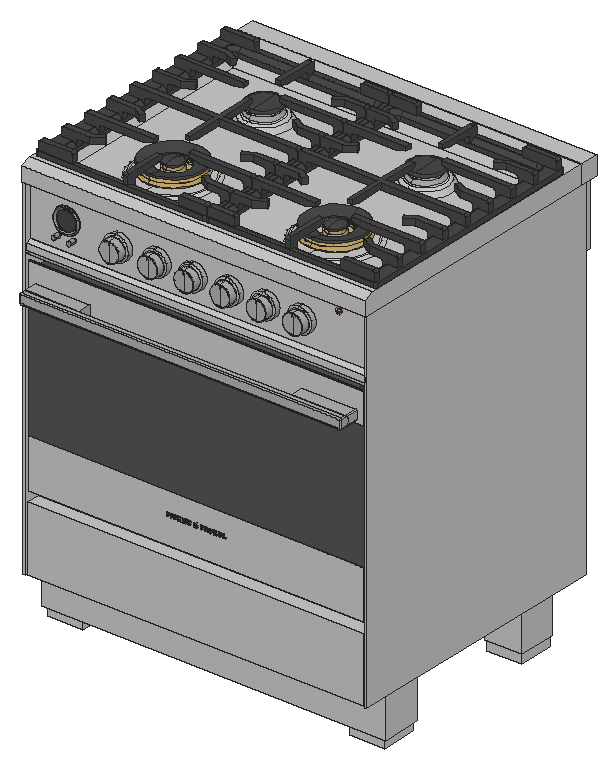
Revit family "FP_Revit_18_OR30SDG6X1_Range_90001008A", category Specialty Equipment, Revit 2018 (continued)
Definition of nested family "F&P Trivet Range Classic 30"
  Forms (mm)
    Extrusion 6, solid, material <- "Material - Burners & Trivets", detail levels medium+fine
      sketch origin (0, 0, 0) x (1, 0, 0) y (0, 0, 1)
        loop
          arc (-365.85, 40) -> (-369.386, 38.536) -> (-370.85, 35) r 5
          line (-370.85, 35) -> (-370.85, 19)
        loop
          line (-0.9, 19) -> (-0.9, 35)
          arc (-0.9, 35) -> (-2.364, 38.536) -> (-5.9, 40) r 5
          line (-5.9, 40) -> (-49.369, 40) -> (-49.369, 26) -> (-24.85, 26)
          arc (-24.85, 26) -> (-21.314, 24.536) -> (-19.85, 21) r 5
          line (-19.85, 21) -> (-19.85, 9.497) -> (-9.304, 19) -> (-0.9, 19)
      from 56.818 to 68.598
    Extrusion 7, solid, material <- "Material - Burners & Trivets", detail levels medium+fine
      sketch origin (0, 0, 0) x (1, 0, 0) y (0, 0, 1)
        loop
          line (-370.85, 19) -> (-347.6, 19) -> (-337.05, 9.493) -> (-337.05, 21)
          arc (-337.05, 21) -> (-335.586, 24.536) -> (-332.05, 26) r 5
          line (-332.05, 26) -> (-241.764, 26) -> (-218.764, 31.5) -> (-218.764, 40) -> (-365.85, 40)
          arc (-365.85, 40) -> (-369.386, 38.536) -> (-370.85, 35) r 5
          line (-370.85, 35) -> (-370.85, 19)
        loop
          line (-0.9, 19) -> (-0.9, 35)
          arc (-0.9, 35) -> (-2.364, 38.536) -> (-5.9, 40) r 5
          line (-5.9, 40) -> (-139.236, 40) -> (-139.236, 31.5) -> (-116.236, 26) -> (-24.85, 26)
          arc (-24.85, 26) -> (-21.314, 24.536) -> (-19.85, 21) r 5
          line (-19.85, 21) -> (-19.85, 9.497) -> (-9.304, 19) -> (-0.9, 19)
      from 119.209 to 130.989
    Extrusion 8, solid, material <- "Material - Burners & Trivets", detail levels medium+fine
      sketch origin (0, 0, 0) x (1, 0, 0) y (0, 1, 0)
        loop
          line (-308.63, -181.6) -> (-308.63, -193.38) -> (-285.489, -180.02) -> (-290.59, -171.185) -> (-308.63, -181.6)
        loop
          line (-49.37, -181.6) -> (-67.41, -171.185) -> (-72.511, -180.02) -> (-49.37, -193.38) -> (-49.37, -181.6)
        loop
          line (-308.63, -68.598) -> (-290.59, -79.014) -> (-285.489, -70.179) -> (-308.63, -56.818) -> (-308.63, -68.598)
        loop
          line (-49.37, -68.598) -> (-49.37, -56.818) -> (-72.511, -70.179) -> (-67.41, -79.014) -> (-49.37, -68.598)
      from 26 to 40
    Extrusion 9, solid, material <- "Material - Burners & Trivets", detail levels medium+fine
      sketch origin (0, 0, 0) x (0, 1, 0) y (0, 0, 1)
        loop
          line (-239.1, 9.493) -> (-239.1, 21.869)
          arc (-239.1, 21.869) -> (-237.636, 25.405) -> (-234.1, 26.869) r 5
          line (-234.1, 26.869) -> (-184.162, 26.869) -> (-164.798, 31.5) -> (-164.798, 40) -> (-251.51, 40)
          arc (-251.51, 40) -> (-255.046, 38.536) -> (-256.51, 35) r 5
          line (-256.51, 35) -> (-256.51, 19) -> (-249.65, 19) -> (-239.1, 9.493)
        loop
          line (-6.011, 26.869) -> (-6.011, 40) -> (-85.401, 40) -> (-85.401, 31.5) -> (-66.036, 26.869) -> (-6.011, 26.869)
        loop
          line (239.1, 9.493) -> (249.65, 19) -> (256.51, 19) -> (256.51, 35)
          arc (256.51, 35) -> (255.046, 38.536) -> (251.51, 40) r 5
          line (251.51, 40) -> (164.798, 40) -> (164.798, 31.5) -> (184.162, 26.869) -> (234.1, 26.869)
          arc (234.1, 26.869) -> (237.636, 25.405) -> (239.1, 21.869) r 5
          line (239.1, 21.869) -> (239.1, 9.493)
        loop
          line (6.011, 26.869) -> (66.036, 26.869) -> (85.401, 31.5) -> (85.401, 40) -> (6.011, 40) -> (6.011, 26.869)
      from -184.333 to -173.667
    Extrusion 10, solid, material <- "Material - Burners & Trivets", detail levels medium+fine
      sketch origin (0, 0, 0) x (1, 0, 0) y (0, 0, -1)
        loop
          line (-370.85, -19) -> (-370.85, -35)
          arc (-370.85, -35) -> (-369.386, -38.536) -> (-365.85, -40) r 5
          line (-365.85, -40) -> (-308.63, -40) -> (-308.63, -26) -> (-332.05, -26)
          arc (-332.05, -26) -> (-335.586, -24.536) -> (-337.05, -21) r 5
          line (-337.05, -21) -> (-337.05, -9.493) -> (-347.6, -19) -> (-370.85, -19)
        loop
          line (-0.9, -19) -> (-9.304, -19) -> (-19.85, -9.497) -> (-19.85, -21)
          arc (-19.85, -21) -> (-21.314, -24.536) -> (-24.85, -26) r 5
          line (-24.85, -26) -> (-49.369, -26) -> (-49.369, -40) -> (-5.9, -40)
          arc (-5.9, -40) -> (-2.364, -38.536) -> (-0.9, -35) r 5
          line (-0.9, -35) -> (-0.9, -19)
      from 181.6 to 193.38
    Extrusion 11, solid, material <- "Material - Burners & Trivets", detail levels medium+fine
      sketch origin (0, 0, 0) x (1, 0, 0) y (0, 0, -1)
        loop
          line (-370.85, -19) -> (-370.85, -35)
          arc (-370.85, -35) -> (-369.386, -38.536) -> (-365.85, -40) r 5
          line (-365.85, -40) -> (-308.63, -40) -> (-308.63, -26) -> (-332.05, -26)
          arc (-332.05, -26) -> (-335.586, -24.536) -> (-337.05, -21) r 5
          line (-337.05, -21) -> (-337.05, -9.493) -> (-347.6, -19) -> (-370.85, -19)
        loop
          line (-0.9, -19) -> (-9.304, -19) -> (-19.85, -9.497) -> (-19.85, -21)
          arc (-19.85, -21) -> (-21.314, -24.536) -> (-24.85, -26) r 5
          line (-24.85, -26) -> (-49.369, -26) -> (-49.369, -40) -> (-5.9, -40)
          arc (-5.9, -40) -> (-2.364, -38.536) -> (-0.9, -35) r 5
          line (-0.9, -35) -> (-0.9, -19)
      from 56.818 to 68.598
    Extrusion 12, solid, material <- "Material - Burners & Trivets", detail levels medium+fine
      sketch origin (0, 0, 0) x (1, 0, 0) y (0, 0, -1)
        loop
          line (-370.85, -19) -> (-370.85, -35)
          arc (-370.85, -35) -> (-369.386, -38.536) -> (-365.85, -40) r 5
          line (-365.85, -40) -> (-218.764, -40) -> (-218.764, -31.5) -> (-241.764, -26) -> (-332.05, -26)
          arc (-332.05, -26) -> (-335.586, -24.536) -> (-337.05, -21) r 5
          line (-337.05, -21) -> (-337.05, -9.493) -> (-347.6, -19) -> (-370.85, -19)
        loop
          line (-0.9, -19) -> (-9.304, -19) -> (-19.85, -9.497) -> (-19.85, -21)
          arc (-19.85, -21) -> (-21.314, -24.536) -> (-24.85, -26) r 5
          line (-24.85, -26) -> (-116.236, -26) -> (-139.236, -31.5) -> (-139.236, -40) -> (-5.9, -40)
          arc (-5.9, -40) -> (-2.364, -38.536) -> (-0.9, -35) r 5
          line (-0.9, -35) -> (-0.9, -19)
      from 119.209 to 130.989
    Extrusion 13, solid, material <- "Material - Burners & Trivets", detail levels medium+fine
      sketch origin (0, 0, 0) x (1, 0, 0) y (0, 1, 0)
        loop
          line (-308.63, 181.6) -> (-290.59, 171.185) -> (-285.489, 180.02) -> (-308.63, 193.38) -> (-308.63, 181.6)
        loop
          line (-49.37, 181.6) -> (-49.37, 193.38) -> (-72.511, 180.02) -> (-67.41, 171.185) -> (-49.37, 181.6)
        loop
          line (-308.63, 68.598) -> (-308.63, 56.818) -> (-285.489, 70.179) -> (-290.59, 79.014) -> (-308.63, 68.598)
        loop
          line (-49.37, 68.598) -> (-67.41, 79.014) -> (-72.511, 70.179) -> (-49.37, 56.818) -> (-49.37, 68.598)
      from 26 to 40
    Extrusion 14, solid, material <- "Material - Burners & Trivets", detail levels medium+fine
      sketch origin (0, 0, 0) x (1, 0, 0) y (0, 0, 1)
        loop
          line (-370.85, 19) -> (-347.6, 19) -> (-337.05, 9.493) -> (-337.05, 21)
          arc (-337.05, 21) -> (-335.586, 24.536) -> (-332.05, 26) r 5
          line (-332.05, 26) -> (-24.85, 26)
          arc (-24.85, 26) -> (-21.314, 24.536) -> (-19.85, 21) r 5
          line (-19.85, 21) -> (-19.85, 9.497) -> (-9.304, 19) -> (-0.9, 19) -> (-0.9, 35)
          arc (-0.9, 35) -> (-2.364, 38.536) -> (-5.9, 40) r 5
          line (-5.9, 40) -> (-365.85, 40)
          arc (-365.85, 40) -> (-369.386, 38.536) -> (-370.85, 35) r 5
          line (-370.85, 35) -> (-370.85, 19)
      from -6.011 to 6.011
    Extrusion 15, solid, material <- "Material - Burners & Trivets", detail levels coarse
      sketch origin (0, 0, 0) x (1, 0, 0) y (0, 1, 0)
        loop
          line (-375.9, 260.15) -> (-375.9, -260.15) -> (-0.9, -260.15) -> (-0.9, 260.15) -> (-375.9, 260.15)
        loop
          line (-337.05, 239.1) -> (-337.05, -239.1) -> (-19.85, -239.1) -> (-19.85, 239.1) -> (-337.05, 239.1)
      from 9.493 to 19
    Extrusion 16, solid, detail levels coarse
      sketch origin (0, 0, 0) x (1, 0, 0) y (0, 1, 0)
        loop
          line (-184.333, 256.51) -> (-184.333, 130.989) -> (-370.85, 130.989) -> (-370.85, 119.209) -> (-184.333, 119.209) -> (-184.333, 6.011) -> (-370.85, 6.011) -> (-370.85, -6.011) -> (-184.333, -6.011) -> (-184.333, -119.209) -> (-370.85, -119.209) -> (-370.85, -130.989) -> (-184.333, -130.989) -> (-184.333, -256.51) -> (-173.667, -256.51) -> (-173.667, -130.989) -> (-0.9, -130.989) -> (-0.9, -119.209) -> (-173.667, -119.209) -> (-173.667, -6.011) -> (-0.9, -6.011) -> (-0.9, 6.011) -> (-173.667, 6.011) -> (-173.667, 119.209) -> (-0.9, 119.209) -> (-0.9, 130.989) -> (-173.667, 130.989) -> (-173.667, 256.51) -> (-184.333, 256.51)
      from 26 to 40
  Cuts and joins
    joined: Extrusion 3, Extrusion 6, Extrusion 8
    joined: Extrusion 9, Extrusion 14
    joined: Extrusion 10, Extrusion 11, Extrusion 13
  Lines and regions (mm)
    sketch lines
      curve 1: line (-347.6, -229.65, 19) -> (-347.6, 229.65, 19)
      curve 2: arc (-347.6, -229.65, 19) -> (-341.742, -243.792, 19) -> (-327.6, -249.65, 19) r 20
      curve 3: line (-29.3, -249.65, 19) -> (-327.6, -249.65, 19)
      curve 4: line (-9.3, 229.65, 19) -> (-9.3, -229.65, 19)
      curve 5: arc (-29.3, -249.65, 19) -> (-15.158, -243.792, 19) -> (-9.3, -229.65, 19) r 20
      curve 6: arc (-9.3, 229.65, 19) -> (-15.158, 243.792, 19) -> (-29.3, 249.65, 19) r 20
      curve 7: line (-327.6, 249.65, 19) -> (-29.3, 249.65, 19)
      curve 8: arc (-327.6, 249.65, 19) -> (-341.742, 243.792, 19) -> (-347.6, 229.65, 19) r 20
  Dimensions and locks
    aligned and locked: level to plane 2
Definition of nested family "F&P Dial Range Contemporary"
  Parameters (values of type "F&P Dial Range Contemporary")
    URL = "www.fisherpaykel.com"
    Material - Buttons and Dials = none
    Manufacturer = "Fisher & Paykel Appliances"
  Reference planes
    plane 1 "Center (Front/Back)": y = 0
    plane 2: z = 0
    plane 3 "Center (Left/Right)": x = 0
  Forms (mm)
    Revolve 1, solid, material <- "Material - Buttons and Dials", detail levels fine
      sketch origin (0, 0, 0) x (0, 1, 0) y (0, 0, 1)
        loop
          line (0, 0) -> (0, 27.732) -> (-10.5, 27.732) -> (-13, 24.291) -> (-13, 22) -> (-29.2, 22) -> (-30, 21.2) -> (-30, 0) -> (0, 0)
        axis (0, 0) -> (-30, 0)
      angle from 0 to 360
    Revolve 2, solid, material <- "Material - Buttons and Dials", detail levels coarse+medium
      sketch origin (0, 0, 0) x (0, 1, 0) y (0, 0, 1)
        loop
          line (-30, 0) -> (0, 0) -> (0, 27.732) -> (-13, 27.732) -> (-13, 22) -> (-30, 22) -> (-30, 0)
        axis (0, 0) -> (-30, 0)
      angle from 0 to 360
    Extrusion 3, void
      sketch origin (0, 0, 0) x (1, 0, 0) y (0, 1, 0)
        loop
          line (-1, -6) -> (-1, -13) -> (1, -13) -> (1, -6)
          arc (1, -6) -> (0, -5) -> (-1, -6) r 1
      from 27 to 28
    Extrusion 4, void
      sketch origin (0, 0, 0) x (1, 0, 0) y (0, 0, 1)
        loop
          line (-1, 19) -> (-1, 16)
          arc (-1, 16) -> (0, 15) -> (1, 16) r 1
          line (1, 16) -> (1, 19)
          arc (1, 19) -> (0, 20) -> (-1, 19) r 1
      from 29.2 to 30
  Cuts and joins
    Extrusion 3, Extrusion 4 cuts Revolve 1
  Dimensions and locks
    aligned and locked: level to plane 2
Definition of nested family "F&P Clock TFT Range"
  Parameters (values of type "F&P Clock TFT Range")
    URL = "www.fisherpaykel.com"
    Material - Display Panel = none
    Material - Buttons and Dials = none
    Manufacturer = "Fisher & Paykel Appliances"
  Reference planes
    plane 1 "Center (Front/Back)": y = 0
    plane 2: z = 0
    plane 3 "Center (Left/Right)": x = 0
  Forms (mm)
    Revolve 1, solid, material <- "Material - Buttons and Dials", detail levels fine
      sketch origin (0, 0, 0) x (0, 1, 0) y (0, 0, 1)
        loop
          line (0, 21.7) -> (0, 28.597) -> (-1.4, 28.597) -> (-1.4, 27.601) -> (-5.698, 26.843) -> (-5.698, 25.224) -> (-2.5, 21.7) -> (0, 21.7)
        axis (0, 0) -> (-5.698, 0)
      angle from 0 to 360
    Extrusion 2, solid, material <- "Material - Display Panel"
      sketch origin (0, 0, 0) x (1, 0, 0) y (0, 0, 1)
        loop
          circle (0, 0) r 21.7
      from 0 to 1.4
    Extrusion 3, solid, material <- "Material - Buttons and Dials", detail levels fine
      sketch origin (0, 0, 0) x (1, 0, 0) y (0, 0, 1)
        loop
          circle (-17, -33.5) r 2.5
        loop
          circle (17, -33.5) r 2.5
      from 0 to 4.3
    Extrusion 4, solid, material <- "Material - Buttons and Dials"
      sketch origin (0, 0, 0) x (1, 0, 0) y (0, 0, 1)
        loop
          circle (-17, -33.5) r 4.601
        loop
          circle (17, -33.5) r 4.601
      from 4.3 to 16.3
    Extrusion 5, solid, material <- "Material - Buttons and Dials", detail levels coarse+medium
      sketch origin (0, 0, 0) x (1, 0, 0) y (0, 0, 1)
        loop
          circle (0, 0) r 21.7
        loop
          circle (0, 0) r 26.843
      from 0 to 5.698
  Dimensions and locks
    aligned and locked: level to plane 2
Definition of nested family "F&P Range Gas Regulator"
  Parameters (values of type "Gas Reg 2")
    URL = "www.fisherpaykel.com"
    Material - Body = none
    Manufacturer = "Fisher & Paykel Appliances"
    Hide = no
  Types (3, lengths in mm): name | Hide
    (no name) | no
    Gas Reg 1 | yes
    Gas Reg 2 | no
  Reference planes
    plane 1 "Center (Front/Back)": y = 0
    plane 2: z = 0
    plane 3 "Center (Left/Right)": x = 0
  Forms (mm)
    Extrusion 1, solid, material <- "Material - Body"
      sketch origin (0, 0, -393.019) x (1, 0, 0) y (0, 0, 1)
        loop
          arc (-16.279, 431.479) -> (-26.886, 427.086) -> (-31.279, 416.479) r 15
          line (-31.279, 416.479) -> (-31.279, 369.559)
          arc (-31.279, 369.559) -> (-26.886, 358.953) -> (-16.279, 354.559) r 15
          line (-16.279, 354.559) -> (17.721, 354.559)
          arc (17.721, 354.559) -> (28.327, 358.953) -> (32.721, 369.559) r 15
          line (32.721, 369.559) -> (32.721, 416.479)
          arc (32.721, 416.479) -> (28.327, 427.086) -> (17.721, 431.479) r 15
          line (17.721, 431.479) -> (-16.279, 431.479)
      from 6 to 22
    Extrusion 2, solid, material <- "Material - Body"
      sketch origin (0, 0, -393.019) x (1, 0, 0) y (0, 0, 1)
        loop
          circle (0, 393.019) r 28
      from 22 to 28
    Extrusion 3, solid
      sketch origin (0, 0, -393.019) x (1, 0, 0) y (0, 0, 1)
        loop
          line (3.922, 392.231) -> (6.683, 390.937)
          arc (6.683, 390.937) -> (2.97, 399.358) -> (-5.877, 396.822) r 7
          line (-5.877, 396.822) -> (-3.115, 395.528)
          arc (-3.115, 395.528) -> (1.697, 396.641) -> (3.922, 392.231) r 4
        loop
          arc (-6.7, 395.047) -> (-2.97, 386.681) -> (5.845, 389.168) r 7
          line (5.845, 389.168) -> (3.078, 390.465)
          arc (3.078, 390.465) -> (-1.697, 389.397) -> (-3.933, 393.75) r 4
          line (-3.933, 393.75) -> (-6.7, 395.047)
      from 44.971 to 46
    Revolve 4, solid, material <- "Material - Body"
      sketch origin (0, 0, -393.019) x (1, 0, 0) y (0, 0, 1)
        loop
          line (-7.933, 499.672) -> (-7.933, 463.768) -> (-13.744, 463.768) -> (-13.744, 449.671) -> (-10.314, 449.671) -> (-10.314, 442.94) -> (-13.744, 442.94) -> (-13.744, 434.858) -> (-18.216, 434.858) -> (-18.216, 343.635) -> (0, 343.635) -> (0, 499.672) -> (-7.933, 499.672)
        axis (0, 499.672) -> (0, 343.635)
      angle from 0 to 360
    Extrusion 5, solid, material <- "Material - Body"
      sketch origin (0, 0, -393.019) x (1, 0, 0) y (0, 0, 1)
        loop
          circle (0.005, 393) r 11.022
      from 28 to 44.971
    Extrusion 6, solid, material <- "Material - Body", visible <- "Hide"
      sketch origin (0, 0, 0) x (1, 0, 0) y (0, 1, 0)
        loop
          circle (0, 0) r 11
      from -119.631 to -49.384
  Cuts and joins
    joined: Extrusion 1, Revolve 4
  Dimensions and locks
    aligned and locked: level to plane 2
Definition of nested family "F&P Handle Contemporary OR30-36"
  Parameters (values of type "30"")
    URL = "www.fisherpaykel.com"
    Product - Width = 710 mm
    Model = ""
    Material - Handle = none
    Manufacturer = "Fisher & Paykel Appliances"
    Keynote = ""
    Description = ""
  Types (3, lengths in mm): name | Product - Width
    (no name) | 710
    36" | 834
    30" | 710
  Reference planes
    plane 1 "Center (Front/Back)": y = 0
    plane 2: z = 0
    plane 3 "Center (Left/Right)": x = 0
    plane 4 "Product LHS": x = -355
    plane 5 "Product RHS": x = 355
  Forms (mm)
    Extrusion 1, solid, material <- "Material - Handle", detail levels fine
      sketch origin (0, 0, 30.1) x (0, 1, 0) y (0, 0, 1)
        loop
          arc (-25.32, 688.263) -> (-20.3, 677.063) -> (-25.32, 665.863) r 15.003
          line (-25.32, 665.863) -> (4.5, 665.863) -> (4.5, 688.263) -> (-25.32, 688.263)
      from 355 to 235
    Extrusion 2, solid, material <- "Material - Handle", detail levels fine
      sketch origin (0, 0, 30.1) x (0, 1, 0) y (0, 0, 1)
        loop
          line (-25.869, 688.563) -> (-37.028, 688.563)
          arc (-37.028, 688.563) -> (-38.776, 687.838) -> (-39.5, 686.09) r 2.472
          line (-39.5, 686.09) -> (-39.5, 668.098)
          arc (-39.5, 668.098) -> (-38.758, 666.305) -> (-36.965, 665.563) r 2.535
          line (-36.965, 665.563) -> (-25.869, 665.563)
          arc (-25.869, 665.563) -> (-20.572, 677.063) -> (-25.869, 688.563) r 15.131
      from -355 to 355
    Extrusion 3, solid, material <- "Material - Handle", detail levels fine
      sketch origin (0, 0, 30.1) x (0, 1, 0) y (0, 0, 1)
        loop
          arc (-25.32, 688.263) -> (-20.3, 677.063) -> (-25.32, 665.863) r 15.003
          line (-25.32, 665.863) -> (4.5, 665.863) -> (4.5, 688.263) -> (-25.32, 688.263)
      from -235 to -355
    Sweep 4, void
      path in 3D
        loop
          line (355, -25.869, 718.663) -> (355, -37.028, 718.663)
          arc (355, -37.028, 718.663) -> (355, -38.776, 717.938) -> (355, -39.5, 716.19) r 2.472
          line (355, -39.5, 716.19) -> (355, -39.5, 698.198)
          arc (355, -39.5, 698.198) -> (355, -38.758, 696.405) -> (355, -36.965, 695.663) r 2.535
          line (355, -36.965, 695.663) -> (355, -25.869, 695.663)
      profile origin (355, -31.449, 718.663) x (1, 0, 0) y (0, 0, 1)
        loop
          line (0, 0) -> (-2, 0) -> (0, -2) -> (0, 0)
    Extrusion 5, void
      sketch origin (0, 0, 0) x (1, 0, 0) y (0, 0, 1)
        loop
          line (353, 718.663) -> (355, 716.663) -> (355, 718.663) -> (353, 718.663)
        loop
          line (353, 695.663) -> (355, 695.663) -> (355, 697.663) -> (353, 695.663)
      from -4.5 to 25.869
    Sweep 6, void
      path in 3D
        loop
          line (-355, -25.869, 695.663) -> (-355, -36.965, 695.663)
          arc (-355, -36.965, 695.663) -> (-355, -38.758, 696.405) -> (-355, -39.5, 698.198) r 2.535
          line (-355, -39.5, 698.198) -> (-355, -39.5, 716.19)
          arc (-355, -39.5, 716.19) -> (-355, -38.776, 717.938) -> (-355, -37.028, 718.663) r 2.472
          line (-355, -37.028, 718.663) -> (-355, -25.869, 718.663)
      profile origin (-355, -31.449, 718.663) x (-1, 0, 0) y (0, 0, 1)
        loop
          line (0, 0) -> (-2, 0) -> (0, -2) -> (0, 0)
    Extrusion 7, void
      sketch origin (0, 0, 0) x (1, 0, 0) y (0, 0, 1)
        loop
          line (-353, 718.663) -> (-355, 718.663) -> (-355, 716.663) -> (-353, 718.663)
        loop
          line (-355, 697.663) -> (-355, 695.663) -> (-353, 695.663) -> (-355, 697.663)
      from -4.5 to 25.869
    Extrusion 8, solid, material <- "Material - Handle", detail levels coarse+medium
      sketch origin (0, 0, 0) x (1, 0, 0) y (0, 1, 0)
        loop
          line (355, 4.5) -> (235, 4.5) -> (235, -20.3) -> (-235, -20.3) -> (-235, 4.5) -> (-355, 4.5) -> (-355, -39.5) -> (355, -39.5) -> (355, 4.5)
      from 695.663 to 718.663
  Cuts and joins
    Sweep 4, Extrusion 5, Sweep 6, Extrusion 7 cuts Extrusion 2
    Extrusion 5 cuts Extrusion 1
    Extrusion 7 cuts Extrusion 3
  Lines and regions (mm)
    sketch lines
      curve 1: line (355, -25.869, 718.663) -> (355, -37.028, 718.663)
      curve 2: arc (355, -39.5, 716.19) -> (355, -38.776, 717.938) -> (355, -37.028, 718.663) r 2.472
      curve 3: line (355, -39.5, 716.19) -> (355, -39.5, 698.198)
      curve 4: arc (355, -36.965, 695.663) -> (355, -38.758, 696.405) -> (355, -39.5, 698.198) r 2.535
      curve 5: line (355, -36.965, 695.663) -> (355, -25.869, 695.663)
      curve 6: line (-355, -37.028, 718.663) -> (-355, -25.869, 718.663)
      curve 7: arc (-355, -37.028, 718.663) -> (-355, -38.776, 717.938) -> (-355, -39.5, 716.19) r 2.472
      curve 8: line (-355, -39.5, 698.198) -> (-355, -39.5, 716.19)
      curve 9: arc (-355, -39.5, 698.198) -> (-355, -38.758, 696.405) -> (-355, -36.965, 695.663) r 2.535
      curve 10: line (-355, -25.869, 695.663) -> (-355, -36.965, 695.663)
  Text (mm)
    text "Disclaimer:\nWe endevour to maintian the accuracy of our 3D content.\nHowever, product details are subject to change without notice.\nPlease refer to the product Data Sheets for the most current product information." at (41.04, -653.741, 0), in view "Ref. Level (Plan)"
  Dimensions and locks
    equal spacing: plane 4 "Product LHS", plane 3 "Center (Left/Right)", plane 5 "Product RHS"
    "Product - Width": plane 4 "Product LHS" to plane 5 "Product RHS"
    plane 1 "Center (Front/Back)" to Extrusion 8 = 4.5 mm
    locked: plane 4 "Product LHS" to cut or joined group of Extrusion 3, Extrusion 7 at 120
    locked: cut or joined group of Extrusion 1, Extrusion 5 to plane 5 "Product RHS" at 120
    aligned and locked: level to plane 2
    aligned and locked: Extrusion 2 to Extrusion 1
    aligned and locked: plane 4 "Product LHS" to Extrusion 3
    aligned and locked: plane 4 "Product LHS" to Extrusion 2
    aligned and locked: Extrusion 1 to plane 5 "Product RHS"
    aligned and locked: Extrusion 2 to plane 5 "Product RHS"
    aligned and locked: Extrusion 8 sketch curve to cut or joined group of Extrusion 1, Extrusion 5
    aligned and locked: Extrusion 8 sketch curve to cut or joined group of Extrusion 3, Extrusion 7
  Automatic sketch dimensions
    plane 1 "Center (Front/Back)" to Extrusion 1 sketch curve = 35.303 mm
    Extrusion 1 sketch curve to Extrusion 1 sketch curve = 9.983 mm  (x2)
    Extrusion 1 sketch curve to plane 1 "Center (Front/Back)" = 4.5 mm
    Extrusion 1 sketch curve to Extrusion 1 sketch curve = 11.2 mm
    plane 1 "Center (Front/Back)" to Extrusion 2 sketch curve = 39.5 mm
    Extrusion 2 sketch curve to Extrusion 2 sketch curve = 2.472 mm
    Extrusion 2 sketch curve to Extrusion 2 sketch curve = 2.535 mm
    Extrusion 2 sketch curve to Extrusion 2 sketch curve = 1.262 mm
    Extrusion 2 sketch curve to Extrusion 2 sketch curve = 11.159 mm
    Extrusion 2 sketch curve to Extrusion 2 sketch curve = 11.096 mm
    Extrusion 2 sketch curve to Extrusion 2 sketch curve = 8.965 mm
    plane 1 "Center (Front/Back)" to Extrusion 3 sketch curve = 35.303 mm
    Extrusion 3 sketch curve to Extrusion 3 sketch curve = 9.983 mm  (x2)
    Extrusion 3 sketch curve to plane 1 "Center (Front/Back)" = 4.5 mm
    Extrusion 3 sketch curve to Extrusion 3 sketch curve = 11.2 mm
    level to Extrusion 1 sketch curve = 695.963 mm
    level to Extrusion 2 sketch curve = 695.663 mm
    level to Extrusion 3 sketch curve = 695.963 mm
    Sweep 4 sketch curve to profile plane = 0 mm
    profile plane to Sweep 4 sketch curve = 0 mm
    profile plane to Sweep 4 sketch curve = 2 mm
    Sweep 4 sketch curve to profile plane = 2 mm
    plane 5 "Product RHS" to Extrusion 5 sketch curve = 0 mm  (x2)
    Extrusion 5 sketch curve to Extrusion 5 sketch curve = 2 mm  (x4)
    level to Extrusion 5 sketch curve = 695.663 mm
    Extrusion 5 sketch curve to Extrusion 5 sketch curve = 19 mm
    Sweep 6 sketch curve to profile plane = 0 mm  (x2)
    profile plane to Sweep 6 sketch curve = 2 mm
    Sweep 6 sketch curve to profile plane = 2 mm
    plane 4 "Product LHS" to Extrusion 7 sketch curve = 0 mm  (x2)
    Extrusion 7 sketch curve to plane 4 "Product LHS" = 2 mm  (x2)
    level to Extrusion 7 sketch curve = 695.663 mm
    Extrusion 7 sketch curve to Extrusion 7 sketch curve = 21 mm
    Extrusion 7 sketch curve to Extrusion 7 sketch curve = 2 mm  (x2)
    Extrusion 8 sketch curve to plane 4 "Product LHS" = 0 mm
    Extrusion 8 sketch curve to plane 5 "Product RHS" = 0 mm
    plane 1 "Center (Front/Back)" to Extrusion 8 sketch curve = 20.3 mm
    plane 1 "Center (Front/Back)" to Extrusion 8 sketch curve = 39.5 mm
    Extrusion 8 sketch curve to plane 1 "Center (Front/Back)" = 4.5 mm  (x2)
